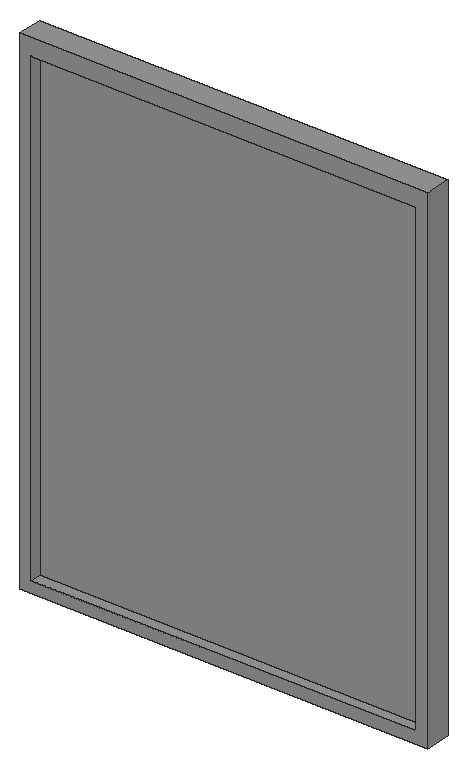
Revit family "Window W3", category Windows, host Wall, Revit 2025
Family settings
  Host = Wall
  OmniClass Number = 23.30.20.00
  OmniClass Title = Windows
  Always vertical = Yes
  Cut with Voids When Loaded = No
  Shared = No
  Room Calculation Point = No
Parameters
  Height = 4' - 0"
  Glass Material = Glass, Clear Glazing, Tempered
  Glass Depth = 0' - 0 1/2"
  Frame Size = 0' - 2"
  Frame Material = Laminate, Black
  Depth = 0' - 4 1/2"
  Default Sill Height = 3' - 0"
  Wall Closure = By host
  Width = 6' - 0"
Reference planes (in)
  plane 1 "Center (Front/Back)": y = 0
  plane 2: z = 0
  plane 3 "Center (Left/Right)": x = 0
  plane 4 "Sill": z = 36
  plane 5: y = 2.25
  plane 6: y = -2.25
  plane 7: y = 0.25
  plane 8: y = -0.25
Forms (in)
  Extrusion 1, solid, material "Laminate, Black" <- "Frame Material"
    sketch origin (0, 0, 0) x (1, 0, 0) y (0, 0, 1)
      loop
        line (36, 124) -> (-36, 124) -> (-36, 36) -> (36, 36) -> (36, 124)
      loop
        line (34, 121) -> (-34, 121) -> (-34, 38) -> (34, 38) -> (34, 121)
    from -2.25 to 2.25
  Extrusion 2, solid, material "Glass, Clear Glazing, Tempered" <- "Glass Material"
    sketch origin (0, 0, 0) x (1, 0, 0) y (0, 0, 1)
      loop
        line (34, 121) -> (-34, 121) -> (-34, 38) -> (34, 38) -> (34, 121)
    from -0.25 to 0.25
Lines and regions (in)
  Opening 1
    outline origin (-60, -7, 0) x (1, 0, 0) y (0, 0, 1)
      loop
        line (24, 124) -> (24, 36) -> (96, 36) -> (96, 124) -> (24, 124)
Text (in)
  text "EXTERIOR" at (-58.6888, 50.90694, 0), in view "Ref. Level"
  text "INTERIOR" at (-58.6888, -37.76638, 0), in view "Ref. Level"
  text "Exterior" at (0, 43.65631, 123.19604), in view "Left"
  text "Exterior" at (0, 18.29385, 125.04747), in view "Right"
Dimensions and locks (in)
  "Default Sill Height": plane 2 to plane 4 "Sill"
  equal spacing: Extrusion 1 sketch curve, plane 3 "Center (Left/Right)", Extrusion 1 sketch curve
  "Width": Extrusion 1 sketch curve to Extrusion 1 sketch curve
  "Frame Size": plane 4 "Sill" to Extrusion 1 sketch curve
  Extrusion 1 sketch curve to Extrusion 1 sketch curve = 6' - 11"
  Extrusion 1 sketch curve to Extrusion 1 sketch curve = 0' - 3"
  "Frame Size": Extrusion 1 sketch curve to Extrusion 1 sketch curve  (x2)
  equal spacing: plane 5, plane 1 "Center (Front/Back)", plane 6
  equal spacing: host wall, plane 1 "Center (Front/Back)", host wall
  "Depth": plane 5 to plane 6
  equal spacing: plane 7, plane 1 "Center (Front/Back)", plane 8
  "Glass Depth": plane 7 to plane 8
  aligned and locked: plane 4 "Sill" to Opening 1 sketch curve  (x2)
  aligned and locked: level to plane 2
  aligned and locked: Extrusion 1 sketch curve to plane 4 "Sill"
  aligned and locked: Extrusion 1 to plane 6
  aligned and locked: plane 5 to Extrusion 1
  aligned and locked: Extrusion 1 to Extrusion 2 sketch curve  (x3)
  aligned and locked: Extrusion 2 sketch curve to Extrusion 1
  aligned and locked: plane 7 to Extrusion 2
  aligned and locked: Extrusion 2 to plane 8
  aligned and locked: Extrusion 1 to Opening 1 sketch curve
  aligned and locked: Opening 1 sketch curve to Extrusion 1  (x2)
